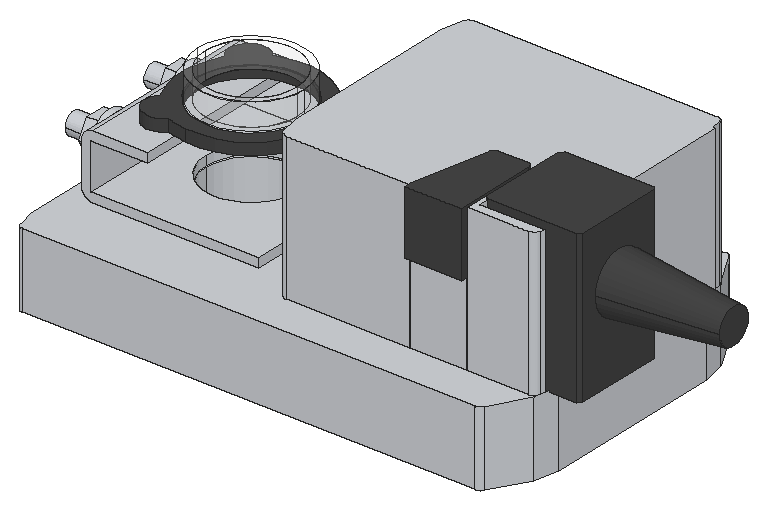
Revit family "ダンパ操作器", category Electrical Equipment, Revit 2020
Family settings
  Panel Configuration = Two Columns, Circuits Across
  Round Connector Dimension = Use Diameter
  Part Type = Panelboard
  Work Plane-Based = No
  Always vertical = Yes
  Cut with Voids When Loaded = No
  Shared = No
  Room Calculation Point = No
Parameters
  直径 [instance] = 10 mm
  ダクトφ [instance] = 25.998 mm
  built-in parameter 1140142 [instance] = -1
  built-in parameter 1140140 [instance] = 1 (stored number, unit not read)
  built-in parameter 1155100 [instance] = -1
  Default Elevation = 0 mm
Reference planes
  plane 1 "中心(正面/背面)": y = 0
  plane 2: z = 0
  plane 3 "中心(左/右)": x = 0
Forms (mm)
  Extrusion 1, solid
    sketch origin (0, 0, 0) x (1, 0, 0) y (0, 1, 0)
      loop
        line (99.773, 44.001) -> (-26.936, 44.001)
        arc (-26.936, 44.001) -> (-28.194, 43.556) -> (-28.892, 42.419) r 1.998
        line (-28.892, 42.419) -> (-30, 37.202) -> (-30, -37.198) -> (-28.892, -42.414)
        arc (-28.892, -42.414) -> (-28.428, -43.534) -> (-27.308, -43.998) r 1.584
        line (-27.308, -43.998) -> (99.693, -43.998)
        arc (99.693, -43.998) -> (100.892, -43.676) -> (101.771, -42.798) r 2.399
        line (101.771, -42.798) -> (107.554, -32.781) -> (109.005, -25.953) -> (109.005, 25.958) -> (107.554, 32.785) -> (101.771, 42.803)
        arc (101.771, 42.803) -> (100.927, 43.66) -> (99.773, 44.001) r 2.399
    from 0 to 21
  Extrusion 2, solid
    sketch origin (0, 250.898, 0) x (1, 0, 0) y (0, 1, 0)
      loop
        line (105.888, -217.394) -> (37.647, -217.394)
        arc (37.647, -217.394) -> (36.389, -217.839) -> (35.692, -218.977) r 1.999
        line (35.692, -218.977) -> (34.406, -225.023) -> (34.406, -275.754) -> (35.692, -281.8)
        arc (35.692, -281.8) -> (36.389, -282.938) -> (37.647, -283.383) r 1.999
        line (37.647, -283.383) -> (72.327, -283.383) -> (76.964, -261.569)
        arc (76.964, -261.569) -> (77.662, -260.433) -> (78.92, -259.988) r 2
        line (78.92, -259.988) -> (86.4, -259.988)
        arc (86.4, -259.988) -> (87.814, -260.574) -> (88.4, -261.988) r 2
        line (88.4, -261.988) -> (88.4, -283.383) -> (105.888, -283.383)
        arc (105.888, -283.383) -> (107.146, -282.938) -> (107.844, -281.8) r 1.999
        line (107.844, -281.8) -> (108.082, -280.681) -> (89.897, -280.681) -> (89.897, -251.681) -> (108.998, -251.681) -> (108.998, -222.079) -> (108.37, -221.451) -> (107.855, -218.975)
        arc (107.855, -218.975) -> (107.155, -217.832) -> (105.888, -217.394) r 1.986
    from 21 to 62
  Extrusion 3, solid, material "プラスチック"
    sketch origin (0, 250.898, 0) x (1, 0, 0) y (0, 1, 0)
      loop
        line (90.298, -278.688) -> (91.298, -279.688) -> (116.298, -279.688) -> (117.298, -278.689) -> (117.298, -253.688) -> (116.298, -252.688) -> (91.298, -252.688) -> (90.298, -253.688) -> (90.298, -278.688)
    from 21 to 63.4
  Blend 4, solid, material "プラスチック"
    base sketch origin (-132.702, 454.065, 0) x (0, 1, 0) y (0, 0, 1)
      loop
        circle (-469.356, 45.9) r 5
    top sketch origin (0, 454.065, 0) x (0, 1, 0) y (0, 0, 1)
      loop
        circle (-469.356, 45.9) r 8.433
    from 282.301 to 117.298
  Extrusion 5, solid, material "プラスチック"
    sketch origin (0, 250.898, 0) x (1, 0, 0) y (0, 1, 0)
      loop
        arc (78.92, -259.988) -> (77.662, -260.433) -> (76.964, -261.569) r 2
        line (76.964, -261.569) -> (72.4, -283.041) -> (72.4, -285.21) -> (88.4, -285.21) -> (88.4, -261.988)
        arc (88.4, -261.988) -> (87.814, -260.574) -> (86.4, -259.988) r 2
        line (86.4, -259.988) -> (78.92, -259.988)
    from 44.334 to 62.4
  Extrusion 6, solid
    sketch origin (0, 250.898, 0) x (1, 0, 0) y (0, 1, 0)
      loop
        arc (78.913, -259.888) -> (77.511, -260.293) -> (76.724, -261.522) r 2.071
        line (76.724, -261.522) -> (72.327, -283.383) -> (88.483, -283.383) -> (88.639, -261.988)
        arc (88.639, -261.988) -> (87.983, -260.405) -> (86.401, -259.75) r 2.238
        line (86.401, -259.75) -> (78.913, -259.888)
    from 21 to 44.334
  Extrusion 7, solid, material "プラスチック(クリア)"
    sketch origin (0, 2.375, 0) x (1, 0, 0) y (0, 1, 0)
      loop
        circle (0, 0) r 15
      loop
        circle (-0.001, 0) r 13
    from 42.9 to 50.45
  Extrusion 8, solid, material "プラスチック"
    sketch origin (0, 252.763, 0) x (1, 0, 0) y (0, 1, 0)
      loop
        arc (-8.884, -232.019) -> (-16.303, -231.549) -> (-16.755, -238.969) r 5.25
        line (-16.755, -238.969) -> (-18.506, -244.242)
        arc (-18.506, -244.242) -> (-19.126, -246.588) -> (-19.45, -248.992) r 19.5
        arc (-19.45, -248.992) -> (-19.349, -252.81) -> (-18.506, -256.535) r 19.5
        line (-18.506, -256.535) -> (-16.755, -261.807)
        arc (-16.755, -261.807) -> (-16.303, -269.228) -> (-8.884, -268.758) r 5.25
        line (-8.884, -268.758) -> (-2.944, -269.665)
        arc (-2.944, -269.665) -> (19.5, -250.388) -> (-2.944, -231.112) r 19.5
        line (-2.944, -231.112) -> (-8.884, -232.019)
      loop
        circle (0, -250.388) r 15.491
    from 39.5 to 42.9
  Extrusion 9, solid
    sketch origin (0, 0, 0) x (1, 0, 0) y (0, 0, 1)
      loop
        line (-6.5, 39.5) -> (-22, 39.5)
        arc (-22, 39.5) -> (-24.121, 38.621) -> (-25, 36.5) r 3
        line (-25, 36.5) -> (-25, 24.5)
        arc (-25, 24.5) -> (-24.121, 22.379) -> (-22, 21.5) r 3
        line (-22, 21.5) -> (24.765, 21.5) -> (24.765, 24) -> (-22.5, 24) -> (-22.5, 37) -> (-6.5, 37) -> (-6.5, 39.5)
    from -26.002 to 25.953
  Extrusion 10, solid
    sketch origin (0, 0, 0) x (0, 1, 0) y (0, 0, 1)
      loop
        circle (13.802, 31) r 7
      loop
        circle (13.802, 31) r 3
    from -27 to -25
  Extrusion 11, solid
    sketch origin (0, 0, 0) x (0, 1, 0) y (0, 0, 1)
      loop
        line (8.068, 31) -> (10.935, 26.035) -> (16.668, 26.035) -> (19.535, 31) -> (16.668, 35.965) -> (10.935, 35.965) -> (8.068, 31)
    from -27 to -31
  Extrusion 12, solid
    sketch origin (0, 0, 0) x (0, 1, 0) y (0, 0, 1)
      loop
        circle (13.802, 31) r 3
    from -31 to -37
  Extrusion 13, solid
    sketch origin (0, -27.6, 0) x (0, 1, 0) y (0, 0, 1)
      loop
        circle (13.802, 31) r 7
      loop
        circle (13.802, 31) r 3
    from -27 to -25
  Extrusion 14, solid
    sketch origin (0, -27.6, 0) x (0, 1, 0) y (0, 0, 1)
      loop
        line (8.068, 31) -> (10.935, 26.035) -> (16.668, 26.035) -> (19.535, 31) -> (16.668, 35.965) -> (10.935, 35.965) -> (8.068, 31)
    from -27 to -31
  Extrusion 15, solid
    sketch origin (0, -27.6, 0) x (0, 1, 0) y (0, 0, 1)
      loop
        circle (13.802, 31) r 3
    from -31 to -37
  Extrusion 16, void
    sketch origin (0, 0, 0) x (1, 0, 0) y (0, 1, 0)
      loop
        circle (-0.002, 2.375) r 12.999
    from 0 to 24
Cuts and joins
  Extrusion 16 cuts Extrusion 1
  Extrusion 16 cuts Extrusion 9
Dimensions and locks
  "直径": diameter of Blend 4 sketch curve
  "ダクトφ": diameter of Extrusion 16 sketch curve
  aligned and locked: level to plane 2
Automatic sketch dimensions
  Extrusion 1 sketch curve to plane 3 "中心(左/右)" = 30 mm
  Extrusion 1 sketch curve to Extrusion 1 sketch curve = 1.109 mm  (x2)
  Extrusion 1 sketch curve to Extrusion 1 sketch curve = 1.584 mm
  Extrusion 1 sketch curve to Extrusion 1 sketch curve = 1.954 mm
  Extrusion 1 sketch curve to Extrusion 1 sketch curve = 0.002 mm
  Extrusion 1 sketch curve to plane 1 "中心(正面/背面)" = 41.603 mm
  plane 3 "中心(左/右)" to Extrusion 1 sketch curve = 99.693 mm
  plane 1 "中心(正面/背面)" to Extrusion 1 sketch curve = 41.599 mm
  Extrusion 1 sketch curve to Extrusion 1 sketch curve = 0 mm
  Extrusion 1 sketch curve to Extrusion 1 sketch curve = 0.08 mm
  plane 1 "中心(正面/背面)" to Extrusion 1 sketch curve = 42.798 mm
  Extrusion 1 sketch curve to Extrusion 1 sketch curve = 2.078 mm
  Extrusion 1 sketch curve to plane 1 "中心(正面/背面)" = 42.803 mm
  Extrusion 1 sketch curve to Extrusion 1 sketch curve = 1.997 mm
  Extrusion 1 sketch curve to plane 1 "中心(正面/背面)" = 32.785 mm
  Extrusion 1 sketch curve to Extrusion 1 sketch curve = 5.783 mm  (x2)
  plane 1 "中心(正面/背面)" to Extrusion 1 sketch curve = 32.781 mm
  plane 1 "中心(正面/背面)" to Extrusion 1 sketch curve = 25.953 mm
  Extrusion 1 sketch curve to Extrusion 1 sketch curve = 1.451 mm
  Extrusion 1 sketch curve to Extrusion 1 sketch curve = 5.216 mm
  Extrusion 1 sketch curve to Extrusion 1 sketch curve = 6.828 mm
  Extrusion 1 sketch curve to Extrusion 1 sketch curve = 6.799 mm
  Extrusion 1 sketch curve to Extrusion 1 sketch curve = 1.998 mm
  plane 3 "中心(左/右)" to Extrusion 2 sketch curve = 34.406 mm
  Extrusion 2 sketch curve to Extrusion 2 sketch curve = 1.285 mm  (x2)
  Extrusion 2 sketch curve to Extrusion 2 sketch curve = 1.956 mm  (x3)
  plane 1 "中心(正面/背面)" to Extrusion 2 sketch curve = 32.485 mm
  Extrusion 2 sketch curve to Extrusion 2 sketch curve = 34.68 mm
  plane 1 "中心(正面/背面)" to Extrusion 2 sketch curve = 10.67 mm
  Extrusion 2 sketch curve to Extrusion 2 sketch curve = 4.637 mm
  Extrusion 2 sketch curve to Extrusion 2 sketch curve = 1.955 mm
  Extrusion 2 sketch curve to Extrusion 2 sketch curve = 7.48 mm
  Extrusion 2 sketch curve to Extrusion 2 sketch curve = 16.073 mm
  plane 1 "中心(正面/背面)" to Extrusion 2 sketch curve = 0.782 mm
  Extrusion 2 sketch curve to Extrusion 2 sketch curve = 3.497 mm
  Extrusion 2 sketch curve to Extrusion 2 sketch curve = 15.991 mm  (x2)
  Extrusion 2 sketch curve to Extrusion 2 sketch curve = 0.022 mm
  plane 1 "中心(正面/背面)" to Extrusion 2 sketch curve = 30.901 mm
  Extrusion 2 sketch curve to plane 1 "中心(正面/背面)" = 31.923 mm
  Extrusion 2 sketch curve to Extrusion 2 sketch curve = 1.944 mm
  Extrusion 2 sketch curve to Extrusion 2 sketch curve = 0.238 mm
  Extrusion 2 sketch curve to plane 1 "中心(正面/背面)" = 29.448 mm
  Extrusion 2 sketch curve to Extrusion 2 sketch curve = 0.515 mm
  Extrusion 2 sketch curve to Extrusion 2 sketch curve = 19.101 mm
  Extrusion 2 sketch curve to Extrusion 2 sketch curve = 0 mm
  Extrusion 2 sketch curve to Extrusion 2 sketch curve = 1.584 mm
  Extrusion 2 sketch curve to Extrusion 2 sketch curve = 1.119 mm
  Extrusion 2 sketch curve to Extrusion 2 sketch curve = 6.046 mm
  Extrusion 2 sketch curve to Extrusion 2 sketch curve = 10.308 mm
  Extrusion 2 sketch curve to plane 1 "中心(正面/背面)" = 25.875 mm
  Extrusion 2 sketch curve to Extrusion 2 sketch curve = 0.629 mm
  Extrusion 2 sketch curve to Extrusion 2 sketch curve = 5.63 mm
  Extrusion 2 sketch curve to Extrusion 2 sketch curve = 0.404 mm
  plane 1 "中心(正面/背面)" to Extrusion 3 sketch curve = 27.79 mm
  plane 3 "中心(左/右)" to Extrusion 3 sketch curve = 90.298 mm
  Extrusion 3 sketch curve to Extrusion 3 sketch curve = 1 mm  (x5)
  plane 1 "中心(正面/背面)" to Extrusion 3 sketch curve = 1.79 mm
  Extrusion 3 sketch curve to Extrusion 3 sketch curve = 24.999 mm  (x2)
  plane 1 "中心(正面/背面)" to Extrusion 3 sketch curve = 27.791 mm
  Extrusion 3 sketch curve to Extrusion 3 sketch curve = 0.999 mm
  plane 1 "中心(正面/背面)" to Blend 4 sketch curve = 15.29 mm  (x2)
  level to Blend 4 sketch curve = 45.9 mm  (x2)
  plane 1 "中心(正面/背面)" to Extrusion 5 sketch curve = 34.311 mm
  plane 3 "中心(左/右)" to Extrusion 5 sketch curve = 72.4 mm
  plane 1 "中心(正面/背面)" to Extrusion 5 sketch curve = 10.67 mm
  Extrusion 5 sketch curve to Extrusion 5 sketch curve = 4.564 mm
  Extrusion 5 sketch curve to Extrusion 5 sketch curve = 1.955 mm
  Extrusion 5 sketch curve to Extrusion 5 sketch curve = 7.48 mm
  Extrusion 5 sketch curve to Extrusion 5 sketch curve = 2 mm
  Extrusion 5 sketch curve to Extrusion 5 sketch curve = 0.42 mm
  Extrusion 5 sketch curve to Extrusion 5 sketch curve = 2.169 mm
  plane 1 "中心(正面/背面)" to Extrusion 6 sketch curve = 32.485 mm
  plane 3 "中心(左/右)" to Extrusion 6 sketch curve = 72.327 mm
  plane 1 "中心(正面/背面)" to Extrusion 6 sketch curve = 10.624 mm
  Extrusion 6 sketch curve to Extrusion 6 sketch curve = 4.397 mm
  Extrusion 6 sketch curve to Extrusion 6 sketch curve = 2.026 mm
  plane 1 "中心(正面/背面)" to Extrusion 6 sketch curve = 8.99 mm
  Extrusion 6 sketch curve to Extrusion 6 sketch curve = 0.163 mm
  plane 1 "中心(正面/背面)" to Extrusion 6 sketch curve = 8.851 mm
  Extrusion 6 sketch curve to Extrusion 6 sketch curve = 7.488 mm
  Extrusion 6 sketch curve to Extrusion 6 sketch curve = 16.155 mm
  plane 1 "中心(正面/背面)" to Extrusion 6 sketch curve = 11.089 mm
  Extrusion 7 sketch curve to plane 3 "中心(左/右)" = 0 mm
  Extrusion 7 sketch curve to plane 3 "中心(左/右)" = 0.001 mm
  Extrusion 7 sketch curve to plane 1 "中心(正面/背面)" = 2.375 mm
  Extrusion 7 sketch curve to Extrusion 7 sketch curve = 0 mm
  Extrusion 8 sketch curve to Extrusion 8 sketch curve = 0 mm  (x14)
  Extrusion 8 sketch curve to plane 3 "中心(左/右)" = 16.755 mm  (x2)
  Extrusion 8 sketch curve to Extrusion 8 sketch curve = 3.927 mm  (x2)
  Extrusion 8 sketch curve to Extrusion 8 sketch curve = 3.944 mm  (x2)
  Extrusion 8 sketch curve to plane 3 "中心(左/右)" = 2.944 mm  (x2)
  plane 3 "中心(左/右)" to Extrusion 8 sketch curve = 0 mm
  plane 1 "中心(正面/背面)" to Extrusion 8 sketch curve = 16.901 mm
  Extrusion 8 sketch curve to Extrusion 8 sketch curve = 0.907 mm
  Extrusion 8 sketch curve to Extrusion 8 sketch curve = 3.465 mm
  Extrusion 8 sketch curve to plane 1 "中心(正面/背面)" = 2.375 mm
  Extrusion 8 sketch curve to plane 1 "中心(正面/背面)" = 13.794 mm
  Extrusion 8 sketch curve to Extrusion 8 sketch curve = 3.485 mm
  Extrusion 8 sketch curve to Extrusion 8 sketch curve = 1.751 mm  (x2)
  plane 1 "中心(正面/背面)" to Extrusion 8 sketch curve = 3.771 mm
  Extrusion 8 sketch curve to plane 1 "中心(正面/背面)" = 8.521 mm
  Extrusion 8 sketch curve to plane 1 "中心(正面/背面)" = 3.771 mm
  Extrusion 8 sketch curve to Extrusion 8 sketch curve = 0.944 mm
  Extrusion 9 sketch curve to plane 3 "中心(左/右)" = 25 mm
  Extrusion 9 sketch curve to Extrusion 9 sketch curve = 2.5 mm  (x3)
  Extrusion 9 sketch curve to Extrusion 9 sketch curve = 0.5 mm  (x2)
  Extrusion 9 sketch curve to plane 3 "中心(左/右)" = 6.5 mm
  plane 3 "中心(左/右)" to Extrusion 9 sketch curve = 24.765 mm
  level to Extrusion 9 sketch curve = 21.5 mm
  Extrusion 9 sketch curve to Extrusion 9 sketch curve = 12 mm
  Extrusion 10 sketch curve to Extrusion 10 sketch curve = 0 mm  (x2)
  Extrusion 10 sketch curve to plane 1 "中心(正面/背面)" = 13.802 mm
  level to Extrusion 10 sketch curve = 31 mm
  Extrusion 11 sketch curve to plane 1 "中心(正面/背面)" = 8.068 mm
  Extrusion 11 sketch curve to Extrusion 11 sketch curve = 2.867 mm  (x3)
  Extrusion 11 sketch curve to Extrusion 11 sketch curve = 5.733 mm  (x2)
  level to Extrusion 11 sketch curve = 26.035 mm
  Extrusion 11 sketch curve to Extrusion 11 sketch curve = 4.965 mm  (x3)
  Extrusion 12 sketch curve to Extrusion 12 sketch curve = 0 mm  (x2)
  Extrusion 12 sketch curve to plane 1 "中心(正面/背面)" = 13.802 mm
  level to Extrusion 12 sketch curve = 31 mm
  Extrusion 12 sketch curve to Extrusion 12 sketch curve = 3 mm
  Extrusion 13 sketch curve to Extrusion 13 sketch curve = 0 mm  (x2)
  plane 1 "中心(正面/背面)" to Extrusion 13 sketch curve = 13.798 mm
  level to Extrusion 13 sketch curve = 31 mm
  plane 1 "中心(正面/背面)" to Extrusion 14 sketch curve = 19.532 mm
  Extrusion 14 sketch curve to Extrusion 14 sketch curve = 2.867 mm  (x3)
  Extrusion 14 sketch curve to Extrusion 14 sketch curve = 5.733 mm  (x2)
  level to Extrusion 14 sketch curve = 26.035 mm
  Extrusion 14 sketch curve to Extrusion 14 sketch curve = 4.965 mm  (x3)
  Extrusion 15 sketch curve to Extrusion 15 sketch curve = 0 mm  (x2)
  plane 1 "中心(正面/背面)" to Extrusion 15 sketch curve = 13.798 mm
  level to Extrusion 15 sketch curve = 31 mm
  Extrusion 15 sketch curve to Extrusion 15 sketch curve = 3 mm
  Extrusion 16 sketch curve to plane 3 "中心(左/右)" = 0.002 mm
  Extrusion 16 sketch curve to plane 1 "中心(正面/背面)" = 2.375 mm
  radius of Blend 4 sketch curve = 8.433 mm
  radius of Extrusion 7 sketch curve = 15 mm
  radius of Extrusion 7 sketch curve = 13 mm
  radius of Extrusion 8 sketch curve = 15.491 mm
  radius of Extrusion 10 sketch curve = 7 mm
  radius of Extrusion 10 sketch curve = 3 mm
  radius of Extrusion 13 sketch curve = 7 mm
  radius of Extrusion 13 sketch curve = 3 mm
Connectors
  cabletrayconduit at (149.598, -15.29, 45.9), diameter 10, driven by "直径"
    settings: on Blend 4, index 1, connector width 300 mm, connector height 300 mm, connector angle 0.00°, system type 32, placement type 0, profile type 0, connector reference index -1, is primary connector yes, connector utility param no, connector description ""
  electrical at (47.436, 0.002, 21)
    settings: on Extrusion 1, index 2, voltage 0 V, apparent load 0 VA, apparent load phase1 0 VA, apparent load phase2 0 VA, apparent load phase3 0 VA, power factor 1, load classification "その他", number of poles 1, system type 14, power factor state 1, is connector primary yes, connector utility no, sub classification motor no, connector description ""
  hvac at (-0.002, 2.375, 24), driven by "ダクトφ"
    settings: on cut or joined group of Extrusion 9, Extrusion 16, index 3, duct flow 0.0 L/s, flow factor 0, pres drop 0.0 Pa, loss coef 0, conn angle 0.00°, conn width 304.8 mm, conn height 304.8 mm, conn diameter 25.998 mm, duct sys type 29, conn prof type 0, flow config 0, flow direction 0, loss method 0, conn ref index -1, conn util no, is conn primary yes, conn desc ""
